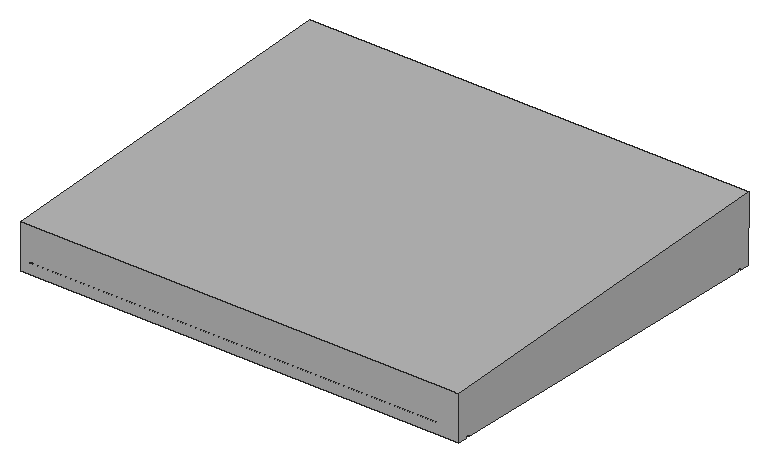
Revit family "WC330 Feather Edge", category Generic Models, Revit 2020
Family settings
  Can host rebar = No
  Round Connector Dimension = Use Diameter
  Part Type = Normal
  Work Plane-Based = No
  Always vertical = Yes
  Cut with Voids When Loaded = No
  Shared = No
  Room Calculation Point = No
Parameters
  Weight = "248Kg"
  Warranty Guarantor Parts = "n/a"
  Warranty Guarantor Labour = "n/a"
  Warranty Duration Unit = "n/a"
  Warranty Duration Parts = "n/a"
  Warranty Duration Labour = "n/a"
  Warranty Description = "n/a"
  Unit Width [instance] = 825 mm
  Unit Length [instance] = 1000 mm
  Unit Height [instance] = 150 mm
  URL = "www.killeshal.com"
  Types = "Single"
  Type Comments = "Visit our website for a full list of available products."
  Sustainability Performance = "n/a"
  Structural Class = "n/a"
  Span = "Unit Length"
  Slope = "0.00°"
  Size = "825mm x 150 to 100mm"
  Shape = "As per drawing"
  Service Life = "0.000000"
  Serial Number = "n/a"
  Resistance to Fire = "n/a"
  Replacement Cost = "n/a"
  Reference = "n/a"
  Notified Body = "n/a"
  Nominal Cover to Main Bar = "n/a"
  Model = "W/C 330 Wall Cap."
  Mechanical Resistance = "n/a"
  Manufacturer = "Killeshal Precast Concrete Ltd."
  Load Bearing = no
  Life Cycle Environmental Load = "n/a"
  Length Options = "Stock size 1000mm."
  Keynote = "The information contained is the sole property of KPC Ltd., any reproduction in part or whole without permission of KPC Ltd. is prohibited."
  Environmental Product Declaration = "n/a"
  Environmental Class = "n/a"
  Durability against Corrosion = "n/a"
  Dimension Accuracy Class = "n/a"
  Detailing = "As per design specification and product drawings."
  Description = "Feather Edge Wall Cap"
  Default Elevation = 0 mm
  Dangerous Substances = "n/a"
  Contact Tel = "0035357 9353018"
  Contact Email = "sales@killeshal.com"
  Construction Type = "Precast"
  Construction Tolerance Class = "n/a"
  Compressive Strength of Concrete = "n/a"
  Characteristics of Reinforcing Steel = "n/a"
  Characteristics Deflection Under Load = "n/a"
Reference planes
  plane 1 "Center (Front/Back)": y = 0
  plane 2: z = 0
  plane 3 "Center (Left/Right)": x = 0
  plane 4 "Rear": y = 412.5
  plane 5 "Front": y = -412.5
  plane 6 "Top": z = 150
  plane 7 "Center L/T": z = 100
Forms (mm)
  Extrusion 1, solid, material "Precast Concrete (KPC)"
    sketch origin (0, 0, 0) x (0, 1, 0) y (0, 0, 1)
      loop
        line (-412.5, 100) -> (-412.5, 0) -> (-392.5, 0)
        arc (-392.5, 0) -> (-387.5, 5) -> (-382.5, 0) r 5
        line (-382.5, 0) -> (382.5, 0)
        arc (382.5, 0) -> (387.5, 5) -> (392.5, 0) r 5
        line (392.5, 0) -> (412.5, 0) -> (412.5, 150) -> (-412.5, 100)
    from 0 to 1000
Dimensions and locks
  "Unit Length": Extrusion 1 to Extrusion 1
  "Unit Width": Extrusion 1 to Extrusion 1
  Extrusion 1 to plane 7 "Center L/T" = 100 mm
  "Unit Height": Extrusion 1 to plane 6 "Top"
  aligned and locked: level to plane 2
Automatic sketch dimensions
  Extrusion 1 sketch curve to plane 5 "Front" = 0 mm
  Extrusion 1 sketch curve to level = 0 mm
  Extrusion 1 sketch curve to plane 4 "Rear" = 0 mm
  Extrusion 1 sketch curve to plane 7 "Center L/T" = 0 mm
  Extrusion 1 sketch curve to plane 6 "Top" = 0 mm
  plane 5 "Front" to Extrusion 1 sketch curve = 20 mm
  Extrusion 1 sketch curve to Extrusion 1 sketch curve = 5 mm  (x2)
  Extrusion 1 sketch curve to Extrusion 1 sketch curve = 30 mm
